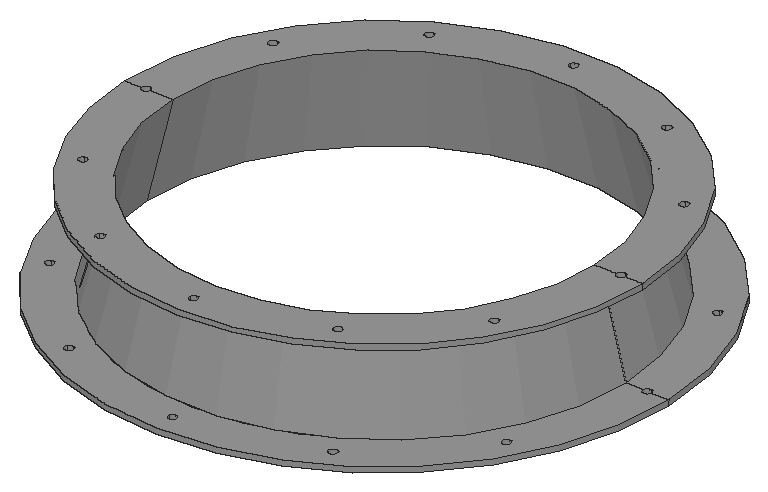
Revit family "ВК-ВО", category Арматура воздуховодов, Revit 2021
Family settings
  Размер круглого соединителя = Использовать диаметр
  Тип детали = Присоединяется
  На основе рабочей плоскости = Нет
  Всегда вертикально = Да
  При загрузке вырезать с полостями = Нет
  Общий = Нет
Parameters (values of type "ВК-ВО-400")
  Отметка по умолчанию = 0 mm
  Изготовитель = "Вентс"  # constant formula
  Вага = 2.70 kg
  n = 12
  f2 = F2 / 2  # 270 mm
  f1 = F1 / 2  # 250 mm
  f = F / 2  # 225 mm
  d = 8 mm
  URL = "https://vents.ua/ua/series/vk-vo"
  R2 = D2 / 2  # 245 mm
  R1 = D1 / 2  # 225 mm
  R = D / 2  # 200 mm
  Maintenance zone material = none
  Load Classification = "HVAC"
  H = 95 mm
  F2 = 540 mm
  F1 = 500 mm
  F = 450 mm
  D2 = 490 mm
  D1 = 450 mm
  D = 400 mm
  Casing Material = Металл, окрашенный, синий, матовый RAL 5007
  09_System_Name [instance] = ""
  00_20_Type = "ВК-ВО-400"
  00_20_Name = "Вхідний конус"
  00_20_Manufacturer = "Вентс"  # constant formula
Types (12, lengths in mm): name | Вага | n | f2 | f1 | f | d | R2 | R1 | R | H | F2 | F1 | F | D2 | D1 | D | 00_20_Type
  (no name) | 2.70 kg | 12 | 270 | 250 | 225 | 8 | 245 | 225 | 200 | 95 | 540 | 500 | 450 | 490 | 450 | 400 | "ВК-ВО-400"
  ВК-ВО-400 | 2.70 kg | 12 | 270 | 250 | 225 | 8 | 245 | 225 | 200 | 95 | 540 | 500 | 450 | 490 | 450 | 400 | "ВК-ВО-400"
  ВК-ВО-1250 | 53.50 kg | 20 | 775 | 735 | 700 | 15 | 700 | 660 | 625 | 285 | 1550 | 1470 | 1400 | 1400 | 1320 | 1250 | "ВК-ВО-1250"
  ВК-ВО-450 | 3.30 kg | 12 | 300 | 280 | 250 | 8 | 270 | 250 | 225 | 110 | 600 | 560 | 500 | 540 | 500 | 450 | "ВК-ВО-450"
  ВК-ВО-500 | 4.00 kg | 12 | 330 | 310 | 280 | 12 | 300 | 280 | 250 | 120 | 660 | 620 | 560 | 600 | 560 | 500 | "ВК-ВО-500"
  ВК-ВО-560 | 4.65 kg | 12 | 365 | 345 | 315 | 12 | 330 | 310 | 280 | 135 | 730 | 690 | 630 | 660 | 620 | 560 | "ВК-ВО-560"
  ВК-ВО-630 | 6.80 kg | 12 | 405 | 385 | 355 | 12 | 365 | 345 | 315 | 150 | 810 | 770 | 710 | 730 | 690 | 630 | "ВК-ВО-630"
  ВК-ВО-710 | 12.00 kg | 16 | 450 | 430 | 400 | 12 | 405 | 385 | 355 | 170 | 900 | 860 | 800 | 810 | 770 | 710 | "ВК-ВО-710"
  ВК-ВО-800 | 15.00 kg | 16 | 507.5 | 485 | 450 | 12 | 450 | 430 | 400 | 190 | 1015 | 970 | 900 | 900 | 860 | 800 | "ВК-ВО-800"
  ВК-ВО-900 | 21.00 kg | 16 | 557.5 | 535 | 500 | 15 | 507.5 | 485 | 450 | 210 | 1115 | 1070 | 1000 | 1015 | 970 | 900 | "ВК-ВО-900"
  ВК-ВО-1000 | 36.70 kg | 16 | 635 | 595 | 560 | 15 | 557.5 | 535 | 500 | 240 | 1270 | 1190 | 1120 | 1115 | 1070 | 1000 | "ВК-ВО-1000"
  ВК-ВО-1120 | 45.00 kg | 20 | 700 | 660 | 625 | 15 | 635 | 595 | 560 | 255 | 1400 | 1320 | 1250 | 1270 | 1190 | 1120 | "ВК-ВО-1120"
Reference planes
  plane 1 "По центру (Вперед/Назад)": y = 0
  plane 2: z = 0
  plane 3 "По центру (Влево/Вправо)": x = 0
Forms (mm)
  Revolve 1, solid, material "Металл, окрашенный, синий, матовый RAL 5007" <- "Casing Material"
    sketch origin (0, 0, 0) x (1, 0, 0) y (0, 0, 1)
      loop
        line (225, 0) -> (270, 0) -> (270, 5) -> (228.854, 5) -> (206.486, 90) -> (245, 90) -> (245, 95) -> (200, 95) -> (225, 0)
      axis (0, 0) -> (0, 95)
    angle from 0 to 360
  Extrusion 2, void
    sketch origin (0, 2.517, 0) x (1, 0, 0) y (0, 1, 0)
      loop
        circle (0, 222.483) r 4
    from 90 to 95 <- "H"
  Extrusion 3, void
    sketch origin (1.258, 2.18, 0) x (0.866025, -0.5, 0) y (0.5, 0.866025, 0)
      loop
        circle (0, 222.483) r 4
    from 90 to 95 <- "H"
  Extrusion 4, void
    sketch origin (-1.258, 2.18, 0) x (0.866025, 0.5, 0) y (-0.5, 0.866025, 0)
      loop
        circle (0, 222.483) r 4
    from 90 to 95 <- "H"
  Extrusion 5, void
    sketch origin (-2.18, 1.258, 0) x (0.5, 0.866025, 0) y (-0.866025, 0.5, 0)
      loop
        circle (0, 222.483) r 4
    from 90 to 95 <- "H"
  Extrusion 6, void
    sketch origin (-2.517, 0, 0) x (0, 1, 0) y (-1, 0, 0)
      loop
        circle (0, 222.483) r 4
    from 90 to 95 <- "H"
  Extrusion 7, void
    sketch origin (-2.18, -1.258, 0) x (-0.5, 0.866025, 0) y (-0.866025, -0.5, 0)
      loop
        circle (0, 222.483) r 4
    from 90 to 95 <- "H"
  Extrusion 8, void
    sketch origin (-1.258, -2.18, 0) x (-0.866025, 0.5, 0) y (-0.5, -0.866025, 0)
      loop
        circle (0, 222.483) r 4
    from 90 to 95 <- "H"
  Extrusion 9, void
    sketch origin (0, -2.517, 0) x (-1, 0, 0) y (0, -1, 0)
      loop
        circle (0, 222.483) r 4
    from 90 to 95 <- "H"
  Extrusion 10, void
    sketch origin (1.258, -2.18, 0) x (-0.866025, -0.5, 0) y (0.5, -0.866025, 0)
      loop
        circle (0, 222.483) r 4
    from 90 to 95 <- "H"
  Extrusion 11, void
    sketch origin (2.18, -1.258, 0) x (-0.5, -0.866025, 0) y (0.866025, -0.5, 0)
      loop
        circle (0, 222.483) r 4
    from 90 to 95 <- "H"
  Extrusion 12, void
    sketch origin (2.517, 0, 0) x (0, -1, 0) y (1, 0, 0)
      loop
        circle (0, 222.483) r 4
    from 90 to 95 <- "H"
  Extrusion 13, void
    sketch origin (2.18, 1.258, 0) x (0.5, -0.866025, 0) y (0.866025, 0.5, 0)
      loop
        circle (0, 222.483) r 4
    from 90 to 95 <- "H"
  Extrusion 14, void
    sketch origin (0, -5.33, 0) x (1, 0, 0) y (0, 1, 0)
      loop
        circle (0, 255.33) r 4
    from 5 to 0
  Extrusion 15, void
    sketch origin (-2.665, -4.616, 0) x (0.866025, -0.5, 0) y (0.5, 0.866025, 0)
      loop
        circle (0, 255.33) r 4
    from 5 to 0
  Extrusion 16, void
    sketch origin (2.665, -4.616, 0) x (0.866025, 0.5, 0) y (-0.5, 0.866025, 0)
      loop
        circle (0, 255.33) r 4
    from 5 to 0
  Extrusion 17, void
    sketch origin (4.616, -2.665, 0) x (0.5, 0.866025, 0) y (-0.866025, 0.5, 0)
      loop
        circle (0, 255.33) r 4
    from 5 to 0
  Extrusion 18, void
    sketch origin (5.33, 0, 0) x (0, 1, 0) y (-1, 0, 0)
      loop
        circle (0, 255.33) r 4
    from 5 to 0
  Extrusion 19, void
    sketch origin (4.616, 2.665, 0) x (-0.5, 0.866025, 0) y (-0.866025, -0.5, 0)
      loop
        circle (0, 255.33) r 4
    from 5 to 0
  Extrusion 20, void
    sketch origin (2.665, 4.616, 0) x (-0.866025, 0.5, 0) y (-0.5, -0.866025, 0)
      loop
        circle (0, 255.33) r 4
    from 5 to 0
  Extrusion 21, void
    sketch origin (0, 5.33, 0) x (-1, 0, 0) y (0, -1, 0)
      loop
        circle (0, 255.33) r 4
    from 5 to 0
  Extrusion 22, void
    sketch origin (-2.665, 4.616, 0) x (-0.866025, -0.5, 0) y (0.5, -0.866025, 0)
      loop
        circle (0, 255.33) r 4
    from 5 to 0
  Extrusion 23, void
    sketch origin (-4.616, 2.665, 0) x (-0.5, -0.866025, 0) y (0.866025, -0.5, 0)
      loop
        circle (0, 255.33) r 4
    from 5 to 0
  Extrusion 24, void
    sketch origin (-5.33, 0, 0) x (0, -1, 0) y (1, 0, 0)
      loop
        circle (0, 255.33) r 4
    from 5 to 0
  Extrusion 25, void
    sketch origin (-4.616, -2.665, 0) x (0.5, -0.866025, 0) y (0.866025, 0.5, 0)
      loop
        circle (0, 255.33) r 4
    from 5 to 0
Cuts and joins
  Extrusion 2, Extrusion 3, Extrusion 4, Extrusion 5, Extrusion 6, Extrusion 7, Extrusion 8, Extrusion 9, Extrusion 10, Extrusion 11, Extrusion 12, Extrusion 13, Extrusion 14, Extrusion 15, Extrusion 16, Extrusion 17, Extrusion 18, Extrusion 19, Extrusion 20, Extrusion 21, Extrusion 22, Extrusion 23, Extrusion 24, Extrusion 25 cuts Revolve 1
Dimensions and locks
  "R2": Revolve 1 sketch curve to plane 3 "По центру (Влево/Вправо)"
  "f2": Revolve 1 sketch curve to plane 3 "По центру (Влево/Вправо)"
  locked: Revolve 1 sketch curve to Revolve 1 sketch curve at 5  (x2)
  locked: Revolve 1 sketch curve to level at 5
  "H": Revolve 1 sketch curve to level
  "R": Revolve 1 sketch curve to plane 3 "По центру (Влево/Вправо)"
  "f": Revolve 1 sketch curve to plane 3 "По центру (Влево/Вправо)"
  Extrusion 2 to level = 95 mm
  locked: Extrusion 2 to Extrusion 2 at 5
  locked: Extrusion 3 to Extrusion 3 at 5
  locked: Extrusion 4 to Extrusion 4 at 5
  locked: Extrusion 5 to Extrusion 5 at 5
  locked: Extrusion 6 to Extrusion 6 at 5
  locked: Extrusion 7 to Extrusion 7 at 5
  locked: Extrusion 8 to Extrusion 8 at 5
  locked: Extrusion 9 to Extrusion 9 at 5
  locked: Extrusion 10 to Extrusion 10 at 5
  locked: Extrusion 11 to Extrusion 11 at 5
  locked: Extrusion 12 to Extrusion 12 at 5
  locked: Extrusion 13 to Extrusion 13 at 5
  locked: Extrusion 14 to Extrusion 14 at 5
  locked: Extrusion 15 to Extrusion 15 at 5
  locked: Extrusion 16 to Extrusion 16 at 5
  locked: Extrusion 17 to Extrusion 17 at 5
  locked: Extrusion 18 to Extrusion 18 at 5
  locked: Extrusion 19 to Extrusion 19 at 5
  locked: Extrusion 20 to Extrusion 20 at 5
  locked: Extrusion 21 to Extrusion 21 at 5
  locked: Extrusion 22 to Extrusion 22 at 5
  locked: Extrusion 23 to Extrusion 23 at 5
  locked: Extrusion 24 to Extrusion 24 at 5
  locked: Extrusion 25 to Extrusion 25 at 5
  "d": diameter of Extrusion 2 sketch curve
  "d": diameter of Extrusion 3 sketch curve
  "d": diameter of Extrusion 4 sketch curve
  "R1": radius of radial array
  "d": diameter of Extrusion 5 sketch curve
  "d": diameter of Extrusion 6 sketch curve
  "d": diameter of Extrusion 7 sketch curve
  "d": diameter of Extrusion 8 sketch curve
  "d": diameter of Extrusion 9 sketch curve
  "d": diameter of Extrusion 10 sketch curve
  "d": diameter of Extrusion 11 sketch curve
  "d": diameter of Extrusion 12 sketch curve
  "d": diameter of Extrusion 13 sketch curve
  "d": diameter of Extrusion 14 sketch curve
  "d": diameter of Extrusion 15 sketch curve
  "d": diameter of Extrusion 16 sketch curve
  "f1": radius of radial array
  "d": diameter of Extrusion 17 sketch curve
  "d": diameter of Extrusion 18 sketch curve
  "d": diameter of Extrusion 19 sketch curve
  "d": diameter of Extrusion 20 sketch curve
  "d": diameter of Extrusion 21 sketch curve
  "d": diameter of Extrusion 22 sketch curve
  "d": diameter of Extrusion 23 sketch curve
  "d": diameter of Extrusion 24 sketch curve
  "d": diameter of Extrusion 25 sketch curve
  aligned and locked: level to plane 2
  aligned and locked: Revolve 1 sketch curve to level
  aligned and locked: Extrusion 14 to level
Automatic sketch dimensions
  Revolve 1 sketch curve to plane 3 "По центру (Влево/Вправо)" = 0 mm
  level to Revolve 1 sketch curve = 35 mm
  Revolve 1 sketch curve to Revolve 1 sketch curve = 120 mm
